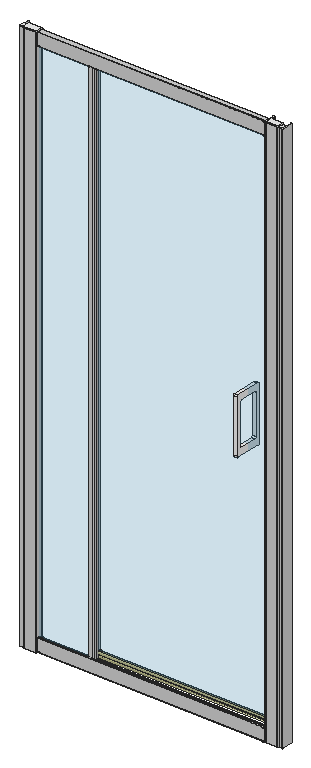
Revit family "TED", category Plumbing Fixtures, Revit 2015 (continued)
Definition of nested family "doorknob TOP"
  Forms (mm)
    Extrusion 1, solid, material <- "Aluminum"
      sketch origin (0, 0, 0) x (0, 1, 0) y (0, 0, 1)
        loop
          line (-23.9, 1021.451) -> (-23.9, 884)
          arc (-23.9, 884) -> (-22.436, 880.464) -> (-18.9, 879) r 5
          line (-18.9, 879) -> (44.8, 879)
          arc (44.8, 879) -> (48.336, 880.464) -> (49.8, 884) r 5
          line (49.8, 884) -> (49.8, 1020.703)
          arc (49.8, 1020.703) -> (47.956, 1025.156) -> (43.503, 1027) r 6.297
          line (43.503, 1027) -> (-18.351, 1027)
          arc (-18.351, 1027) -> (-22.275, 1025.375) -> (-23.9, 1021.451) r 5.549
      from 7.509 to 20.509
  Dimensions and locks
    aligned and locked: level to plane 2
Definition of nested family "Family4"
  Parameters (values of type "Family4")
    Aluminum = none
  Reference planes
    plane 1 "Center (Front/Back)": y = 0
    plane 2: z = 0
    plane 3 "Center (Left/Right)": x = 0
  Forms (mm)
    Extrusion 1, solid, material <- "Aluminum"
      sketch origin (96.546, -223.209, 1866.72) x (0, 0, -1) y (-0.707107, 0.707107, 0)
        loop
          line (10.16, 10.987) -> (-12.563, -6.136)
          arc (-12.563, -6.136) -> (-12.878, -6.522) -> (-12.979, -7.009) r 1.046
          line (-12.979, -7.009) -> (-12.799, -12.168) -> (3.8, -12.168)
          arc (3.8, -12.168) -> (4.522, -12.025) -> (5.134, -11.616) r 1.887
          line (5.134, -11.616) -> (6.822, -9.928)
          arc (6.822, -9.928) -> (6.946, -9.368) -> (6.492, -9.019) r 0.534
          line (6.492, -9.019) -> (4.745, -8.866)
          arc (4.745, -8.866) -> (3.739, -7.768) -> (4.745, -6.671) r 1.102
          line (4.745, -6.671) -> (8.377, -6.353) -> (11.923, 6.882)
          arc (11.923, 6.882) -> (12.574, 7.855) -> (13.682, 8.232) r 1.821
          line (13.682, 8.232) -> (23.792, 8.232)
          arc (23.792, 8.232) -> (24.519, 8.533) -> (24.82, 9.259) r 1.027
          line (24.82, 9.259) -> (24.82, 11.101)
          arc (24.82, 11.101) -> (24.489, 11.901) -> (23.689, 12.232) r 1.13
          line (23.689, 12.232) -> (13.881, 12.232)
          arc (13.881, 12.232) -> (11.919, 11.912) -> (10.16, 10.987) r 6.183
      from 0 to -20
    Extrusion 2, void
      sketch origin (73.755, -228.702, 1852.9) x (0.707107, 0.707107, 0) y (0, 0, -1)
        loop
          line (17, -6.408) -> (2.751, -6.408) -> (2.751, -28.653) -> (17, -28.653) -> (17, -6.408)
      from -17.562 to 9.667
  Cuts and joins
    Extrusion 2 cuts Extrusion 1
  Dimensions and locks
    aligned and locked: level to plane 2
Definition of nested family "Family3"
  Parameters (values of type "Family3")
    Aluminum = none
  Reference planes
    plane 1 "Center (Front/Back)": y = 0
    plane 2: z = 0
    plane 3 "Center (Left/Right)": x = 0
  Forms (mm)
    Extrusion 1, solid, material <- "Aluminum"
      sketch origin (-4.347, 25.7, 1879.9) x (-1, 0, 0) y (0, -1, 0)
        loop
          line (0.953, -9.815) -> (8.203, -5.629)
          arc (8.203, -5.629) -> (11.453, 0) -> (8.203, 5.629) r 6.5
          line (8.203, 5.629) -> (0.953, 9.815) -> (0.953, 21.989) -> (-4.347, 25.7) -> (-4.347, -25.7) -> (0.953, -21.989) -> (0.953, -9.815)
      from 0 to -22.2
    Extrusion 2, void
      sketch origin (-4.347, 25.7, 1879.9) x (-1, 0, 0) y (0, -1, 0)
        loop
          line (-4.347, 25.7) -> (-4.347, -25.7) -> (0.953, -21.989) -> (0.953, 21.989) -> (-4.347, 25.7)
      from -25.2 to -15.864
  Cuts and joins
    Extrusion 2 cuts Extrusion 1
  Dimensions and locks
    aligned and locked: level to plane 2
Types (5, lengths in mm): name | C | B | A
  900 | 653 | 247 | 900
  1400 | 953 | 447 | 1400
  1200 | 753 | 447 | 1200
  1100 | 753 | 347 | 1100
  1000 | 653 | 347 | 1000
